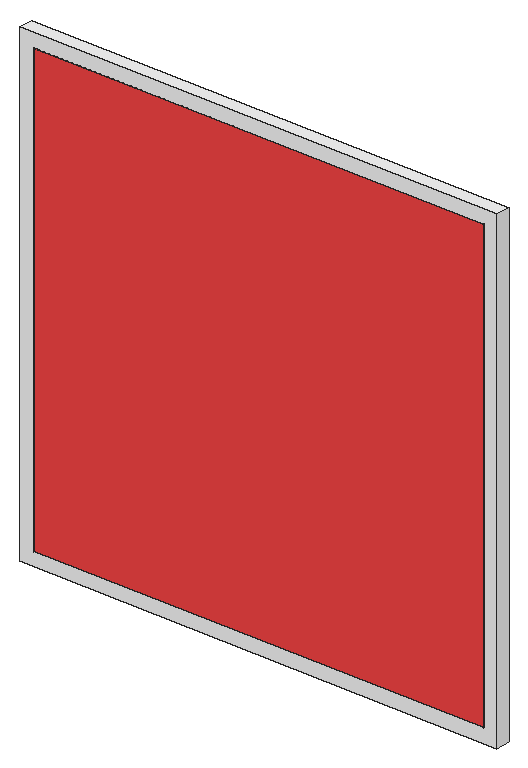
Revit family "Placa de Sinalização - E5 - 8m", category Dispositivos de segurança, Revit 2026
Family settings
  Cota do conector redondo = Utilizar diâmetro
  Tipo de parte = Normal
  Com base no plano de trabalho = Não
  Sempre na vertical = Não
  Corte com vazios quando carregada = Não
  Manter orientação da anotação = Não
  Compartilhado = Sim
  Ponto de cálculo do ambiente = Não
Parameters (values of type "Placa E5 - 8 Metros")
  URL = "www.alvesg.com.br"
  Tipo de imagem = E5.png
  Na Planta Baixa [instance] = yes
  Mostrar Lateral [instance] = yes
  Modelo = "EXTINTOR DE INCÊNDIO"
  Fabricante = "Símbolo: quadrado\r\nFundo: vermelha\r\nPictograma:\r\nfotoluminescente"
  Desloc. Frente [instance] = 0 mm
  Desloc. Esquerda [instance] = 0 mm
  Elevação padrão = 0 mm
  Código da Placa = "E5"
  Descrição = "INDICAÇÃO DE LOCALIZAÇÃO DOS EXTINTORES DE INCÊNDIO"
  Comentários de tipos = "180 / 180"
Reference planes
  plane 1 "Centro (Frente/Trás)": y = 0
  plane 2: z = 0
  plane 3 "Centro (Esquerda/Direita)": x = 0
  plane 4: x = -89.25
  plane 5: x = 89.25
  plane 6: z = 1800
  plane 7: z = 1979
Forms (mm)
  Extrusion 1, solid, material "Vermelho"
    sketch origin (0, 0, 0) x (1, 0, 0) y (0, 0, 1)
      loop
        line (-84.25, 1974) -> (-84.25, 1805) -> (84.25, 1805) -> (84.25, 1974) -> (-84.25, 1974)
    from 0 to -5.255
  Extrusion 2, solid, material "Branco"
    sketch origin (-41.148, 8.5, 3.15) x (-1, 0, 0) y (0, 0, 1)
      loop
        line (-41.316, 1814.573) -> (-14.104, 1814.573) -> (-14.104, 1911.15)
        arc (-14.104, 1911.15) -> (-19.591, 1924.396) -> (-32.837, 1929.883) r 18.733
        line (-32.837, 1929.883) -> (-32.837, 1943.624) -> (-24.778, 1943.624)
        arc (-24.778, 1943.624) -> (-20.187, 1949.246) -> (-24.778, 1954.867) r 5.737
        line (-24.778, 1954.867) -> (-36.144, 1954.867) -> (-36.144, 1959.303) -> (-47.325, 1959.303) -> (-47.325, 1954.867) -> (-57.878, 1954.867) -> (-80.611, 1939.23) -> (-83.109, 1925.677) -> (-78.842, 1925.677) -> (-77.501, 1931.984) -> (-56.876, 1943.624) -> (-49.625, 1943.624) -> (-49.625, 1929.88)
        arc (-49.625, 1929.88) -> (-62.685, 1924.192) -> (-68.058, 1910.998) r 18.888
        line (-68.058, 1910.998) -> (-68.058, 1814.573) -> (-41.316, 1814.573)
    from -3 to -5.5
  Sweep 3, solid, material "Branco"
    path in 3D
      loop
        line (84.25, 5.255, 1974) -> (84.25, 5.255, 1805) -> (-84.25, 5.255, 1805) -> (-84.25, 5.255, 1974) -> (84.25, 5.255, 1974)
    profile origin (0, 5.255, 1974) x (0, 1, 0) y (0, 0, 1)
      loop
        line (-5.255, 0) -> (0, 0) -> (0, 5) -> (-5.255, 5) -> (-5.255, 0)
  Extrusion 4, solid, material "Vermelho", visible <- "Mostrar Lateral", detail levels coarse+medium
    sketch origin (-83.995, 89.25, 0) x (0, 1, 0) y (0, 0, 1)
      loop
        line (-84.25, 1974) -> (-84.25, 1805) -> (84.25, 1805) -> (84.25, 1974) -> (-84.25, 1974)
    from 0 to -5.255
  Extrusion 5, solid, material "Branco", visible <- "Mostrar Lateral", detail levels coarse+medium
    sketch origin (-92.495, 48.102, 3.15) x (0, -1, 0) y (0, 0, 1)
      loop
        line (-41.316, 1814.573) -> (-14.104, 1814.573) -> (-14.104, 1911.15)
        arc (-14.104, 1911.15) -> (-19.591, 1924.396) -> (-32.837, 1929.883) r 18.733
        line (-32.837, 1929.883) -> (-32.837, 1943.624) -> (-24.778, 1943.624)
        arc (-24.778, 1943.624) -> (-20.187, 1949.246) -> (-24.778, 1954.867) r 5.737
        line (-24.778, 1954.867) -> (-36.144, 1954.867) -> (-36.144, 1959.303) -> (-47.325, 1959.303) -> (-47.325, 1954.867) -> (-57.878, 1954.867) -> (-80.611, 1939.23) -> (-83.109, 1925.677) -> (-78.842, 1925.677) -> (-77.501, 1931.984) -> (-56.876, 1943.624) -> (-49.625, 1943.624) -> (-49.625, 1929.88)
        arc (-49.625, 1929.88) -> (-62.685, 1924.192) -> (-68.058, 1910.998) r 18.888
        line (-68.058, 1910.998) -> (-68.058, 1814.573) -> (-41.316, 1814.573)
    from -3 to -5.5
  Sweep 6, solid, material "Branco", visible <- "Mostrar Lateral", detail levels coarse+medium
    path in 3D
      loop
        line (-89.25, 173.5, 1974) -> (-89.25, 173.5, 1805) -> (-89.25, 5, 1805) -> (-89.25, 5, 1974) -> (-89.25, 173.5, 1974)
    profile origin (-89.25, 89.25, 1974) x (-1, 0, 0) y (0, 0, 1)
      loop
        line (-5.255, 0) -> (0, 0) -> (0, 5) -> (-5.255, 5) -> (-5.255, 0)
  Extrusion 7, solid, material "Vermelho", visible <- "Mostrar Lateral", detail levels coarse+medium
    sketch origin (83.75, 89.25, 0) x (0, -1, 0) y (0, 0, 1)
      loop
        line (-84.25, 1974) -> (-84.25, 1805) -> (84.25, 1805) -> (84.25, 1974) -> (-84.25, 1974)
    from 0 to -5.255
  Extrusion 8, solid, material "Branco", visible <- "Mostrar Lateral", detail levels coarse+medium
    sketch origin (92.25, 130.398, 3.15) x (0, 1, 0) y (0, 0, 1)
      loop
        line (-41.316, 1814.573) -> (-14.104, 1814.573) -> (-14.104, 1911.15)
        arc (-14.104, 1911.15) -> (-19.591, 1924.396) -> (-32.837, 1929.883) r 18.733
        line (-32.837, 1929.883) -> (-32.837, 1943.624) -> (-24.778, 1943.624)
        arc (-24.778, 1943.624) -> (-20.187, 1949.246) -> (-24.778, 1954.867) r 5.737
        line (-24.778, 1954.867) -> (-36.144, 1954.867) -> (-36.144, 1959.303) -> (-47.325, 1959.303) -> (-47.325, 1954.867) -> (-57.878, 1954.867) -> (-80.611, 1939.23) -> (-83.109, 1925.677) -> (-78.842, 1925.677) -> (-77.501, 1931.984) -> (-56.876, 1943.624) -> (-49.625, 1943.624) -> (-49.625, 1929.88)
        arc (-49.625, 1929.88) -> (-62.685, 1924.192) -> (-68.058, 1910.998) r 18.888
        line (-68.058, 1910.998) -> (-68.058, 1814.573) -> (-41.316, 1814.573)
    from -3 to -5.5
  Sweep 9, solid, material "Branco", visible <- "Mostrar Lateral", detail levels coarse+medium
    path in 3D
      loop
        line (89.005, 5, 1974) -> (89.005, 5, 1805) -> (89.005, 173.5, 1805) -> (89.005, 173.5, 1974) -> (89.005, 5, 1974)
    profile origin (89.005, 89.25, 1974) x (1, 0, 0) y (0, 0, 1)
      loop
        line (-5.255, 0) -> (0, 0) -> (0, 5) -> (-5.255, 5) -> (-5.255, 0)
Lines and regions (mm)
  sketch lines
    curve 1: line (-84.25, 5.255, 1974) -> (84.25, 5.255, 1974)
    curve 2: line (-84.25, 5.255, 1805) -> (-84.25, 5.255, 1974)
    curve 3: line (84.25, 5.255, 1805) -> (-84.25, 5.255, 1805)
    curve 4: line (84.25, 5.255, 1974) -> (84.25, 5.255, 1805)
    curve 5: line (-89.25, 5, 1974) -> (-89.25, 173.5, 1974)
    curve 6: line (-89.25, 5, 1805) -> (-89.25, 5, 1974)
    curve 7: line (-89.25, 173.5, 1805) -> (-89.25, 5, 1805)
    curve 8: line (-89.25, 173.5, 1974) -> (-89.25, 173.5, 1805)
    curve 9: line (89.005, 173.5, 1974) -> (89.005, 5, 1974)
    curve 10: line (89.005, 173.5, 1805) -> (89.005, 173.5, 1974)
    curve 11: line (89.005, 5, 1805) -> (89.005, 173.5, 1805)
    curve 12: line (89.005, 5, 1974) -> (89.005, 5, 1805)
Dimensions and locks
  equal spacing: plane 4, plane 3 "Centro (Esquerda/Direita)", plane 5
  plane 4 to plane 5 = 178.5 mm
  locked: plane 6 to level at 1800
  plane 7 to plane 6 = 179 mm
  "Desloc. Esquerda": nested 1 to plane 3 "Centro (Esquerda/Direita)"
  "Desloc. Frente": plane 1 "Centro (Frente/Trás)" to nested 1
  aligned and locked: level to plane 2
Automatic sketch dimensions
  Extrusion 1 sketch curve to plane 4 = 5 mm
  Extrusion 1 sketch curve to plane 5 = 5 mm
  plane 6 to Extrusion 1 sketch curve = 5 mm
  Extrusion 1 sketch curve to plane 7 = 5 mm
  plane 3 "Centro (Esquerda/Direita)" to Extrusion 2 sketch curve = 41.961 mm
  Extrusion 2 sketch curve to Extrusion 2 sketch curve = 2.498 mm
  Extrusion 2 sketch curve to Extrusion 2 sketch curve = 4.268 mm
  Extrusion 2 sketch curve to Extrusion 2 sketch curve = 1.341 mm
  plane 3 "Centro (Esquerda/Direita)" to Extrusion 2 sketch curve = 26.909 mm
  plane 3 "Centro (Esquerda/Direita)" to Extrusion 2 sketch curve = 16.73 mm
  Extrusion 2 sketch curve to Extrusion 2 sketch curve = 1.002 mm
  Extrusion 2 sketch curve to Extrusion 2 sketch curve = 7.251 mm
  plane 3 "Centro (Esquerda/Direita)" to Extrusion 2 sketch curve = 8.021 mm
  plane 3 "Centro (Esquerda/Direita)" to Extrusion 2 sketch curve = 6.177 mm
  plane 3 "Centro (Esquerda/Direita)" to Extrusion 2 sketch curve = 0.168 mm
  Extrusion 2 sketch curve to plane 3 "Centro (Esquerda/Direita)" = 5.004 mm
  Extrusion 2 sketch curve to plane 3 "Centro (Esquerda/Direita)" = 8.311 mm
  Extrusion 2 sketch curve to Extrusion 2 sketch curve = 6.913 mm
  Extrusion 2 sketch curve to Extrusion 2 sketch curve = 1.145 mm  (x2)
  Extrusion 2 sketch curve to plane 3 "Centro (Esquerda/Direita)" = 27.044 mm
  plane 6 to Extrusion 2 sketch curve = 17.723 mm
  Extrusion 2 sketch curve to plane 7 = 64.853 mm
  Extrusion 2 sketch curve to Extrusion 2 sketch curve = 0.153 mm
  Extrusion 2 sketch curve to Extrusion 2 sketch curve = 14.679 mm
  Extrusion 2 sketch curve to Extrusion 2 sketch curve = 6.308 mm
  Extrusion 2 sketch curve to Extrusion 2 sketch curve = 7.245 mm
  Extrusion 2 sketch curve to Extrusion 2 sketch curve = 13.744 mm
  Extrusion 2 sketch curve to Extrusion 2 sketch curve = 13.741 mm
  Extrusion 2 sketch curve to Extrusion 2 sketch curve = 5.621 mm
  Extrusion 2 sketch curve to Extrusion 2 sketch curve = 11.242 mm
  Extrusion 2 sketch curve to Extrusion 2 sketch curve = 4.436 mm
  Sweep 3 sketch curve to profile plane = 0 mm  (x2)
  profile plane to Sweep 3 sketch curve = 5.255 mm
  profile plane to Sweep 3 sketch curve = 5 mm
  Extrusion 4 sketch curve to plane 7 = 5 mm
  Extrusion 4 sketch curve to plane 1 "Centro (Frente/Trás)" = 5 mm
  plane 6 to Extrusion 4 sketch curve = 5 mm
  Extrusion 4 sketch curve to plane 1 "Centro (Frente/Trás)" = 173.5 mm
  Extrusion 5 sketch curve to plane 1 "Centro (Frente/Trás)" = 131.211 mm
  Extrusion 5 sketch curve to Extrusion 5 sketch curve = 2.498 mm
  Extrusion 5 sketch curve to Extrusion 5 sketch curve = 4.268 mm
  Extrusion 5 sketch curve to Extrusion 5 sketch curve = 1.341 mm
  Extrusion 5 sketch curve to plane 1 "Centro (Frente/Trás)" = 116.159 mm
  Extrusion 5 sketch curve to plane 1 "Centro (Frente/Trás)" = 105.98 mm
  Extrusion 5 sketch curve to Extrusion 5 sketch curve = 1.002 mm
  Extrusion 5 sketch curve to Extrusion 5 sketch curve = 7.251 mm
  Extrusion 5 sketch curve to plane 1 "Centro (Frente/Trás)" = 97.271 mm
  Extrusion 5 sketch curve to plane 1 "Centro (Frente/Trás)" = 95.427 mm
  Extrusion 5 sketch curve to plane 1 "Centro (Frente/Trás)" = 89.418 mm
  Extrusion 5 sketch curve to plane 1 "Centro (Frente/Trás)" = 84.246 mm
  Extrusion 5 sketch curve to plane 1 "Centro (Frente/Trás)" = 80.939 mm
  Extrusion 5 sketch curve to Extrusion 5 sketch curve = 6.913 mm
  Extrusion 5 sketch curve to Extrusion 5 sketch curve = 1.145 mm  (x2)
  Extrusion 5 sketch curve to plane 1 "Centro (Frente/Trás)" = 62.206 mm
  plane 6 to Extrusion 5 sketch curve = 17.723 mm
  Extrusion 5 sketch curve to plane 7 = 64.853 mm
  Extrusion 5 sketch curve to Extrusion 5 sketch curve = 0.153 mm
  Extrusion 5 sketch curve to Extrusion 5 sketch curve = 14.679 mm
  Extrusion 5 sketch curve to Extrusion 5 sketch curve = 6.308 mm
  Extrusion 5 sketch curve to Extrusion 5 sketch curve = 7.245 mm
  Extrusion 5 sketch curve to Extrusion 5 sketch curve = 13.744 mm
  Extrusion 5 sketch curve to Extrusion 5 sketch curve = 13.741 mm
  Extrusion 5 sketch curve to Extrusion 5 sketch curve = 5.621 mm
  Extrusion 5 sketch curve to Extrusion 5 sketch curve = 11.242 mm
  Extrusion 5 sketch curve to Extrusion 5 sketch curve = 4.436 mm
  Sweep 6 sketch curve to profile plane = 0 mm  (x2)
  profile plane to Sweep 6 sketch curve = 5.255 mm
  profile plane to Sweep 6 sketch curve = 5 mm
  Extrusion 7 sketch curve to plane 7 = 5 mm
  Extrusion 7 sketch curve to plane 1 "Centro (Frente/Trás)" = 173.5 mm
  plane 6 to Extrusion 7 sketch curve = 5 mm
  Extrusion 7 sketch curve to plane 1 "Centro (Frente/Trás)" = 5 mm
  Extrusion 8 sketch curve to plane 1 "Centro (Frente/Trás)" = 47.289 mm
  Extrusion 8 sketch curve to Extrusion 8 sketch curve = 2.498 mm
  Extrusion 8 sketch curve to Extrusion 8 sketch curve = 4.268 mm
  Extrusion 8 sketch curve to Extrusion 8 sketch curve = 1.341 mm
  Extrusion 8 sketch curve to plane 1 "Centro (Frente/Trás)" = 62.341 mm
  Extrusion 8 sketch curve to plane 1 "Centro (Frente/Trás)" = 72.52 mm
  Extrusion 8 sketch curve to Extrusion 8 sketch curve = 1.002 mm
  Extrusion 8 sketch curve to Extrusion 8 sketch curve = 7.251 mm
  Extrusion 8 sketch curve to plane 1 "Centro (Frente/Trás)" = 81.229 mm
  Extrusion 8 sketch curve to plane 1 "Centro (Frente/Trás)" = 83.073 mm
  Extrusion 8 sketch curve to plane 1 "Centro (Frente/Trás)" = 89.082 mm
  Extrusion 8 sketch curve to plane 1 "Centro (Frente/Trás)" = 94.254 mm
  Extrusion 8 sketch curve to plane 1 "Centro (Frente/Trás)" = 97.561 mm
  Extrusion 8 sketch curve to Extrusion 8 sketch curve = 6.913 mm
  Extrusion 8 sketch curve to Extrusion 8 sketch curve = 1.145 mm  (x2)
  Extrusion 8 sketch curve to plane 1 "Centro (Frente/Trás)" = 116.294 mm
  plane 6 to Extrusion 8 sketch curve = 17.723 mm
  Extrusion 8 sketch curve to plane 7 = 64.853 mm
  Extrusion 8 sketch curve to Extrusion 8 sketch curve = 0.153 mm
  Extrusion 8 sketch curve to Extrusion 8 sketch curve = 14.679 mm
  Extrusion 8 sketch curve to Extrusion 8 sketch curve = 6.308 mm
  Extrusion 8 sketch curve to Extrusion 8 sketch curve = 7.245 mm
  Extrusion 8 sketch curve to Extrusion 8 sketch curve = 13.744 mm
  Extrusion 8 sketch curve to Extrusion 8 sketch curve = 13.741 mm
  Extrusion 8 sketch curve to Extrusion 8 sketch curve = 5.621 mm
  Extrusion 8 sketch curve to Extrusion 8 sketch curve = 11.242 mm
  Extrusion 8 sketch curve to Extrusion 8 sketch curve = 4.436 mm
  Sweep 9 sketch curve to profile plane = 0 mm
  profile plane to Sweep 9 sketch curve = 0 mm
  profile plane to Sweep 9 sketch curve = 5.255 mm
  profile plane to Sweep 9 sketch curve = 5 mm
Nested families
  nested 1: "S4" at (0, 179, 1800) x (-1, 0, 0) z (0, 0, 1), visible <- "Na Planta Baixa", type "S N", detail levels coarse+medium
    with Desloc. Frente 0 mm, Desloc. Esquerda 0 mm
Definition of nested family "S4"
  Parameters (values of type "S N")
    Desloc. Frente [instance] = 0 mm
    Desloc. Esquerda [instance] = 0 mm
    Default Elevation = 0 mm
  Reference planes
    plane 1 "Centro (Frente/Trás)": y = 0
    plane 2: z = 0
    plane 3 "Centro (Esquerda/Direita)": x = 0
    plane 4: x = -89.5
    plane 5: y = 179
    plane 6: x = 89.5
    plane 7: y = 0
    plane 8: x = 0
    plane 9: y = 89.5
    plane 10: x = 0
  Forms (mm)
    Extrusion 1, solid
      sketch origin (0, 0, 0) x (1, 0, 0) y (0, 1, 0)
        loop
          line (-80, 5) -> (80, 5)
          arc (80, 5) -> (83.182, 6.318) -> (84.5, 9.5) r 4.5
          line (84.5, 9.5) -> (84.5, 169.5)
          arc (84.5, 169.5) -> (83.182, 172.682) -> (80, 174) r 4.5
          line (80, 174) -> (-80, 174)
          arc (-80, 174) -> (-83.182, 172.682) -> (-84.5, 169.5) r 4.5
          line (-84.5, 169.5) -> (-84.5, 9.5)
          arc (-84.5, 9.5) -> (-83.182, 6.318) -> (-80, 5) r 4.5
      from 0 to 5
    Sweep 2, solid
      path in 3D
        loop
          arc (-84.5, 169.5, 0) -> (-83.182, 172.682, 0) -> (-80, 174, 0) r 4.5
          line (-80, 174, 0) -> (80, 174, 0)
          arc (80, 174, 0) -> (83.182, 172.682, 0) -> (84.5, 169.5, 0) r 4.5
          line (84.5, 169.5, 0) -> (84.5, 9.5, 0)
          arc (84.5, 9.5, 0) -> (83.182, 6.318, 0) -> (80, 5, 0) r 4.5
          line (80, 5, 0) -> (-80, 5, 0)
          arc (-80, 5, 0) -> (-83.182, 6.318, 0) -> (-84.5, 9.5, 0) r 4.5
          line (-84.5, 9.5, 0) -> (-84.5, 169.5, 0)
      profile origin (-84.5, 89.5, 0) x (1, 0, 0) y (0, 0, -1)
        loop
          line (0, -5) -> (0, 0) -> (-5, 0)
          arc (-5, 0) -> (-3.536, -3.536) -> (0, -5) r 5
    Extrusion 3, solid, not visible
      sketch origin (0, 0, 0) x (1, 0, 0) y (0, 1, 0)
        loop
          line (-148.5, 5) -> (148.5, 5)
          arc (148.5, 5) -> (151.682, 6.318) -> (153, 9.5) r 4.5
          line (153, 9.5) -> (153, 148.5)
          arc (153, 148.5) -> (151.682, 151.682) -> (148.5, 153) r 4.5
          line (148.5, 153) -> (-148.5, 153)
          arc (-148.5, 153) -> (-151.682, 151.682) -> (-153, 148.5) r 4.5
          line (-153, 148.5) -> (-153, 9.5)
          arc (-153, 9.5) -> (-151.682, 6.318) -> (-148.5, 5) r 4.5
      from 0 to 5
    Extrusion 4, solid, not visible
      sketch origin (0, 0, 0) x (1, 0, 0) y (0, 1, 0)
        loop
          circle (-64.198, 128.883) r 11.482
        loop
          line (-34.846, 95.221) -> (-34.846, 147.352) -> (-123.678, 147.352) -> (-123.678, 55.943) -> (-131.975, 55.943) -> (-143.314, 37.071) -> (-123.678, 37.071) -> (-123.678, 17.071) -> (-130.749, 10) -> (-75.749, 10) -> (-65.946, 16.865) -> (-47.553, 16.865) -> (-54.417, 10) -> (-44.417, 10) -> (-34.846, 19.571) -> (-34.846, 81.729) -> (-49.846, 81.729) -> (-62.702, 97.05) -> (-73.89, 78.43) -> (-45.396, 20.009) -> (-61.455, 20.009) -> (-84.33, 66.91) -> (-86.263, 64.976) -> (-87.767, 47.793) -> (-94.838, 40.721) -> (-136.348, 40.721) -> (-128.623, 53.579) -> (-100.115, 53.579) -> (-100.115, 78.579) -> (-87.605, 103.132) -> (-87.605, 106.55) -> (-100.115, 106.55) -> (-112.777, 87.895)
          arc (-112.777, 87.895) -> (-118.793, 88.949) -> (-119.848, 94.966) r 5.317
          line (-119.848, 94.966) -> (-105.808, 115.651) -> (-67.726, 115.651) -> (-57.238, 110.307) -> (-46.675, 95.221) -> (-34.846, 95.221)
        loop
          line (45.154, 92.275) -> (45.154, 71.183) -> (88.314, 71.183) -> (69.03, 48.202) -> (99.03, 48.202) -> (132.557, 81.729) -> (99.03, 115.257) -> (69.03, 115.257) -> (88.314, 92.275) -> (45.154, 92.275)
      from 3 to 5.5
    Sweep 5, solid, not visible
      path in 3D
        loop
          arc (-153, 148.5, 0) -> (-151.682, 151.682, 0) -> (-148.5, 153, 0) r 4.5
          line (-148.5, 153, 0) -> (148.5, 153, 0)
          arc (148.5, 153, 0) -> (151.682, 151.682, 0) -> (153, 148.5, 0) r 4.5
          line (153, 148.5, 0) -> (153, 9.5, 0)
          arc (153, 9.5, 0) -> (151.682, 6.318, 0) -> (148.5, 5, 0) r 4.5
          line (148.5, 5, 0) -> (-148.5, 5, 0)
          arc (-148.5, 5, 0) -> (-151.682, 6.318, 0) -> (-153, 9.5, 0) r 4.5
          line (-153, 9.5, 0) -> (-153, 148.5, 0)
      profile origin (-153, 79, 0) x (1, 0, 0) y (0, 0, -1)
        loop
          line (0, -5) -> (0, 0) -> (-5, 0)
          arc (-5, 0) -> (-3.536, -3.536) -> (0, -5) r 5
    Extrusion 6, solid, not visible
      sketch origin (0, 0, 0) x (1, 0, 0) y (0, 1, 0)
        loop
          line (-80, 5) -> (80, 5)
          arc (80, 5) -> (83.182, 6.318) -> (84.5, 9.5) r 4.5
          line (84.5, 9.5) -> (84.5, 169.5)
          arc (84.5, 169.5) -> (83.182, 172.682) -> (80, 174) r 4.5
          line (80, 174) -> (-80, 174)
          arc (-80, 174) -> (-83.182, 172.682) -> (-84.5, 169.5) r 4.5
          line (-84.5, 169.5) -> (-84.5, 9.5)
          arc (-84.5, 9.5) -> (-83.182, 6.318) -> (-80, 5) r 4.5
      from 0 to 5
    Sweep 7, solid, not visible
      path in 3D
        loop
          arc (-84.5, 169.5, 0) -> (-83.182, 172.682, 0) -> (-80, 174, 0) r 4.5
          line (-80, 174, 0) -> (80, 174, 0)
          arc (80, 174, 0) -> (83.182, 172.682, 0) -> (84.5, 169.5, 0) r 4.5
          line (84.5, 169.5, 0) -> (84.5, 9.5, 0)
          arc (84.5, 9.5, 0) -> (83.182, 6.318, 0) -> (80, 5, 0) r 4.5
          line (80, 5, 0) -> (-80, 5, 0)
          arc (-80, 5, 0) -> (-83.182, 6.318, 0) -> (-84.5, 9.5, 0) r 4.5
          line (-84.5, 9.5, 0) -> (-84.5, 169.5, 0)
      profile origin (-84.5, 89.5, 0) x (1, 0, 0) y (0, 0, -1)
        loop
          line (0, -5) -> (0, 0) -> (-5, 0)
          arc (-5, 0) -> (-3.536, -3.536) -> (0, -5) r 5
    Extrusion 8, solid
      sketch origin (169.763, 19.249, 0) x (1, 0, 0) y (0, 1, 0)
        loop
          line (-169.344, -1.989) -> (-142.133, -1.989) -> (-142.133, 94.588)
          arc (-142.133, 94.588) -> (-147.619, 107.834) -> (-160.865, 113.321) r 18.733
          line (-160.865, 113.321) -> (-160.865, 127.062) -> (-152.807, 127.062)
          arc (-152.807, 127.062) -> (-148.215, 132.683) -> (-152.807, 138.304) r 5.737
          line (-152.807, 138.304) -> (-164.172, 138.304) -> (-164.172, 142.74) -> (-175.353, 142.74) -> (-175.353, 138.304) -> (-185.906, 138.304) -> (-208.64, 122.667) -> (-211.138, 109.115) -> (-206.87, 109.115) -> (-205.529, 115.422) -> (-184.904, 127.062) -> (-177.653, 127.062) -> (-177.653, 113.318)
          arc (-177.653, 113.318) -> (-190.714, 107.629) -> (-196.086, 94.435) r 18.888
          line (-196.086, 94.435) -> (-196.086, -1.989) -> (-169.344, -1.989)
      from 0 to 6
    Extrusion 9, solid, not visible
      sketch origin (169.763, 19.249, 0) x (1, 0, 0) y (0, 1, 0)
        loop
          line (-169.344, -1.989) -> (-142.133, -1.989) -> (-142.133, 94.588)
          arc (-142.133, 94.588) -> (-147.619, 107.834) -> (-160.865, 113.321) r 18.733
          line (-160.865, 113.321) -> (-160.865, 127.062) -> (-152.807, 127.062)
          arc (-152.807, 127.062) -> (-148.215, 132.683) -> (-152.807, 138.304) r 5.737
          line (-152.807, 138.304) -> (-164.172, 138.304) -> (-164.172, 142.74) -> (-175.353, 142.74) -> (-175.353, 138.304) -> (-185.906, 138.304) -> (-208.64, 122.667) -> (-211.138, 109.115) -> (-206.87, 109.115) -> (-205.529, 115.422) -> (-184.904, 127.062) -> (-177.653, 127.062) -> (-177.653, 113.318)
          arc (-177.653, 113.318) -> (-190.714, 107.629) -> (-196.086, 94.435) r 18.888
          line (-196.086, 94.435) -> (-196.086, -1.989) -> (-169.344, -1.989)
      from 0 to 6
  Lines and regions (mm)
    sketch lines
      curve 1: line (-84.5, 9.5, 0) -> (-84.5, 169.5, 0)
      curve 2: arc (-80, 174, 0) -> (-83.182, 172.682, 0) -> (-84.5, 169.5, 0) r 4.5
      curve 3: line (-80, 174, 0) -> (80, 174, 0)
      curve 4: arc (-84.5, 9.5, 0) -> (-83.182, 6.318, 0) -> (-80, 5, 0) r 4.5
      curve 5: line (80, 5, 0) -> (-80, 5, 0)
      curve 6: arc (80, 5, 0) -> (83.182, 6.318, 0) -> (84.5, 9.5, 0) r 4.5
      curve 7: line (84.5, 169.5, 0) -> (84.5, 9.5, 0)
      curve 8: arc (84.5, 169.5, 0) -> (83.182, 172.682, 0) -> (80, 174, 0) r 4.5
    sketch lines, not visible
      curve 9: line (-153, 9.5, 0) -> (-153, 148.5, 0)
      curve 10: arc (-148.5, 153, 0) -> (-151.682, 151.682, 0) -> (-153, 148.5, 0) r 4.5
      curve 11: line (-148.5, 153, 0) -> (148.5, 153, 0)
      curve 12: arc (-153, 9.5, 0) -> (-151.682, 6.318, 0) -> (-148.5, 5, 0) r 4.5
      curve 13: line (148.5, 5, 0) -> (-148.5, 5, 0)
      curve 14: arc (148.5, 5, 0) -> (151.682, 6.318, 0) -> (153, 9.5, 0) r 4.5
      curve 15: line (153, 148.5, 0) -> (153, 9.5, 0)
      curve 16: arc (153, 148.5, 0) -> (151.682, 151.682, 0) -> (148.5, 153, 0) r 4.5
      curve 17: line (-84.5, 9.5, 0) -> (-84.5, 169.5, 0)
      curve 18: arc (-80, 174, 0) -> (-83.182, 172.682, 0) -> (-84.5, 169.5, 0) r 4.5
      curve 19: line (-80, 174, 0) -> (80, 174, 0)
      curve 20: arc (-84.5, 9.5, 0) -> (-83.182, 6.318, 0) -> (-80, 5, 0) r 4.5
      curve 21: line (80, 5, 0) -> (-80, 5, 0)
      curve 22: arc (80, 5, 0) -> (83.182, 6.318, 0) -> (84.5, 9.5, 0) r 4.5
      curve 23: line (84.5, 169.5, 0) -> (84.5, 9.5, 0)
      curve 24: arc (84.5, 169.5, 0) -> (83.182, 172.682, 0) -> (80, 174, 0) r 4.5
    model lines
      curve 25: line (0, 158, 0) -> (0, 0, 0)
    model lines, not visible
      curve 26: line (0, 158, 0) -> (0, 0, 0)
  Dimensions and locks
    plane 1 "Centro (Frente/Trás)" to plane 5 = 179 mm
    plane 4 to plane 3 "Centro (Esquerda/Direita)" to plane 6 = 89.5 mm, 89.5 mm
    plane 4 to plane 6 = 179 mm
    equal spacing: plane 5, plane 9, plane 7
    "Desloc. Esquerda": curve 25 to plane 10
    "Desloc. Frente": Sweep 2 to plane 7
    aligned and locked: level to plane 2
  Automatic sketch dimensions
    Sweep 2 sketch curve to profile plane = 0 mm
    profile plane to Sweep 2 sketch curve = 0 mm
    Sweep 2 sketch curve to Sweep 2 sketch curve = 5 mm
    Extrusion 3 sketch curve to Extrusion 3 sketch curve = 4.5 mm  (x3)
    Sweep 5 sketch curve to profile plane = 0 mm
    profile plane to Sweep 5 sketch curve = 0 mm
    Sweep 5 sketch curve to Sweep 5 sketch curve = 5 mm
    Extrusion 4 sketch curve to Extrusion 4 sketch curve = 6.966 mm
    Extrusion 4 sketch curve to Extrusion 4 sketch curve = 4.373 mm
    Extrusion 4 sketch curve to Extrusion 4 sketch curve = 3.352 mm
    Extrusion 4 sketch curve to Extrusion 4 sketch curve = 4.944 mm
    Extrusion 4 sketch curve to Extrusion 4 sketch curve = 12.67 mm
    Extrusion 4 sketch curve to Extrusion 4 sketch curve = 4.814 mm  (x2)
    Extrusion 4 sketch curve to Extrusion 4 sketch curve = 2.257 mm
    Extrusion 4 sketch curve to Extrusion 4 sketch curve = 9.226 mm
    Extrusion 4 sketch curve to Extrusion 4 sketch curve = 23.563 mm
    Extrusion 4 sketch curve to Extrusion 4 sketch curve = 5.693 mm
    Extrusion 4 sketch curve to Extrusion 4 sketch curve = 5.277 mm
    Extrusion 4 sketch curve to Extrusion 4 sketch curve = 7.071 mm  (x4)
    Extrusion 4 sketch curve to Extrusion 4 sketch curve = 12.51 mm
    Extrusion 4 sketch curve to Extrusion 4 sketch curve = 1.503 mm
    Extrusion 4 sketch curve to Extrusion 4 sketch curve = 1.933 mm  (x2)
    Extrusion 4 sketch curve to Extrusion 4 sketch curve = 19.088 mm
    Extrusion 4 sketch curve to Extrusion 4 sketch curve = 10.44 mm
    Extrusion 4 sketch curve to Extrusion 4 sketch curve = 19.878 mm
    Extrusion 4 sketch curve to Extrusion 4 sketch curve = 9.804 mm
    Extrusion 4 sketch curve to Extrusion 4 sketch curve = 3.528 mm
    Extrusion 4 sketch curve to Extrusion 4 sketch curve = 5.025 mm
    Extrusion 4 sketch curve to Extrusion 4 sketch curve = 4.491 mm
    Extrusion 4 sketch curve to Extrusion 4 sketch curve = 10.488 mm
    Extrusion 4 sketch curve to Extrusion 4 sketch curve = 7.038 mm
    Extrusion 4 sketch curve to Extrusion 4 sketch curve = 12.856 mm
    Extrusion 4 sketch curve to Extrusion 4 sketch curve = 6.865 mm  (x2)
    Extrusion 4 sketch curve to Extrusion 4 sketch curve = 3.171 mm
    Extrusion 4 sketch curve to Extrusion 4 sketch curve = 2.157 mm
    Extrusion 4 sketch curve to Extrusion 4 sketch curve = 3.135 mm
    Extrusion 4 sketch curve to Extrusion 4 sketch curve = 29.352 mm
    Extrusion 4 sketch curve to Extrusion 4 sketch curve = 0 mm  (x3)
    Extrusion 4 sketch curve to Extrusion 4 sketch curve = 80 mm
    Extrusion 4 sketch curve to Extrusion 4 sketch curve = 23.876 mm  (x2)
    Extrusion 4 sketch curve to Extrusion 4 sketch curve = 19.284 mm
    Extrusion 4 sketch curve to Extrusion 4 sketch curve = 10.716 mm  (x2)
    Extrusion 4 sketch curve to Extrusion 4 sketch curve = 0.437 mm
    Extrusion 4 sketch curve to Extrusion 4 sketch curve = 3.65 mm
    Extrusion 4 sketch curve to Extrusion 4 sketch curve = 12.858 mm
    Extrusion 4 sketch curve to Extrusion 4 sketch curve = 2.364 mm
    Extrusion 4 sketch curve to Extrusion 4 sketch curve = 17.184 mm
    Extrusion 4 sketch curve to Extrusion 4 sketch curve = 11.521 mm
    Extrusion 4 sketch curve to Extrusion 4 sketch curve = 13.603 mm
    Extrusion 4 sketch curve to Extrusion 4 sketch curve = 28.578 mm
    Extrusion 4 sketch curve to Extrusion 4 sketch curve = 10.546 mm
    Extrusion 4 sketch curve to Extrusion 4 sketch curve = 9.316 mm
    Extrusion 4 sketch curve to Extrusion 4 sketch curve = 13.492 mm
    Extrusion 4 sketch curve to Extrusion 4 sketch curve = 13.257 mm
    Extrusion 4 sketch curve to Extrusion 4 sketch curve = 12.52 mm
    Extrusion 4 sketch curve to Extrusion 4 sketch curve = 3.419 mm
    Extrusion 4 sketch curve to Extrusion 4 sketch curve = 13.232 mm
    Extrusion 4 sketch curve to Extrusion 4 sketch curve = 20 mm
    Extrusion 3 sketch curve to Extrusion 3 sketch curve = 297 mm
    Extrusion 3 sketch curve to Extrusion 3 sketch curve = 0 mm
    Extrusion 3 sketch curve to Extrusion 3 sketch curve = 139 mm
    Extrusion 4 sketch curve to Extrusion 4 sketch curve = 19.733 mm
    Extrusion 4 sketch curve to Extrusion 4 sketch curve = 44.244 mm
    Extrusion 4 sketch curve to Extrusion 4 sketch curve = 2.707 mm
    Extrusion 4 sketch curve to Extrusion 4 sketch curve = 28.631 mm
    Extrusion 4 sketch curve to Extrusion 4 sketch curve = 22.981 mm
    Extrusion 4 sketch curve to Extrusion 4 sketch curve = 3.299 mm
    Extrusion 4 sketch curve to Extrusion 4 sketch curve = 21.092 mm
    Extrusion 4 sketch curve to Extrusion 4 sketch curve = 6.081 mm
    Extrusion 4 sketch curve to Extrusion 4 sketch curve = 31.701 mm
    Sweep 7 sketch curve to profile plane = 0 mm
    profile plane to Sweep 7 sketch curve = 0 mm
    Sweep 7 sketch curve to Sweep 7 sketch curve = 5 mm
    curve 25 to curve 25 = 158 mm
    curve 26 to curve 26 = 158 mm
    Extrusion 1 sketch curve to Extrusion 1 sketch curve = 4.5 mm  (x3)
    Extrusion 1 sketch curve to Extrusion 1 sketch curve = 160 mm  (x3)
    Extrusion 6 sketch curve to Extrusion 6 sketch curve = 4.5 mm  (x3)
    Extrusion 6 sketch curve to Extrusion 6 sketch curve = 160 mm  (x3)
    Extrusion 8 sketch curve to Extrusion 8 sketch curve = 2.498 mm
    Extrusion 8 sketch curve to Extrusion 8 sketch curve = 4.268 mm
    Extrusion 8 sketch curve to Extrusion 8 sketch curve = 1.341 mm
    Extrusion 8 sketch curve to Extrusion 8 sketch curve = 10.784 mm
    Extrusion 8 sketch curve to Extrusion 8 sketch curve = 22.733 mm
    Extrusion 8 sketch curve to Extrusion 8 sketch curve = 1.002 mm
    Extrusion 8 sketch curve to Extrusion 8 sketch curve = 7.251 mm
    Extrusion 8 sketch curve to Extrusion 8 sketch curve = 18.888 mm
    Extrusion 8 sketch curve to Extrusion 8 sketch curve = 10.553 mm
    Extrusion 8 sketch curve to Extrusion 8 sketch curve = 26.742 mm
    Extrusion 8 sketch curve to Extrusion 8 sketch curve = 11.181 mm
    Extrusion 8 sketch curve to Extrusion 8 sketch curve = 16.333 mm
    Extrusion 8 sketch curve to Extrusion 8 sketch curve = 6.913 mm
    Extrusion 8 sketch curve to Extrusion 8 sketch curve = 1.145 mm  (x2)
    Extrusion 8 sketch curve to Extrusion 8 sketch curve = 27.212 mm
    Extrusion 8 sketch curve to Extrusion 8 sketch curve = 96.425 mm
    Extrusion 8 sketch curve to Extrusion 8 sketch curve = 0.153 mm
    Extrusion 8 sketch curve to Extrusion 8 sketch curve = 14.679 mm
    Extrusion 8 sketch curve to Extrusion 8 sketch curve = 6.308 mm
    Extrusion 8 sketch curve to Extrusion 8 sketch curve = 7.245 mm
    Extrusion 8 sketch curve to Extrusion 8 sketch curve = 13.744 mm
    Extrusion 8 sketch curve to Extrusion 8 sketch curve = 13.741 mm
    Extrusion 8 sketch curve to Extrusion 8 sketch curve = 5.621 mm
    Extrusion 8 sketch curve to Extrusion 8 sketch curve = 11.242 mm
    Extrusion 8 sketch curve to Extrusion 8 sketch curve = 4.436 mm
    Extrusion 9 sketch curve to Extrusion 9 sketch curve = 2.498 mm
    Extrusion 9 sketch curve to Extrusion 9 sketch curve = 4.268 mm
    Extrusion 9 sketch curve to Extrusion 9 sketch curve = 1.341 mm
    Extrusion 9 sketch curve to Extrusion 9 sketch curve = 10.784 mm
    Extrusion 9 sketch curve to Extrusion 9 sketch curve = 22.733 mm
    Extrusion 9 sketch curve to Extrusion 9 sketch curve = 1.002 mm
    Extrusion 9 sketch curve to Extrusion 9 sketch curve = 7.251 mm
    Extrusion 9 sketch curve to Extrusion 9 sketch curve = 18.888 mm
    Extrusion 9 sketch curve to Extrusion 9 sketch curve = 10.553 mm
    Extrusion 9 sketch curve to Extrusion 9 sketch curve = 26.742 mm
    Extrusion 9 sketch curve to Extrusion 9 sketch curve = 11.181 mm
    Extrusion 9 sketch curve to Extrusion 9 sketch curve = 16.333 mm
    Extrusion 9 sketch curve to Extrusion 9 sketch curve = 6.913 mm
    Extrusion 9 sketch curve to Extrusion 9 sketch curve = 1.145 mm  (x2)
    Extrusion 9 sketch curve to Extrusion 9 sketch curve = 27.212 mm
    Extrusion 9 sketch curve to Extrusion 9 sketch curve = 96.425 mm
    Extrusion 9 sketch curve to Extrusion 9 sketch curve = 0.153 mm
    Extrusion 9 sketch curve to Extrusion 9 sketch curve = 14.679 mm
    Extrusion 9 sketch curve to Extrusion 9 sketch curve = 6.308 mm
    Extrusion 9 sketch curve to Extrusion 9 sketch curve = 7.245 mm
    Extrusion 9 sketch curve to Extrusion 9 sketch curve = 13.744 mm
    Extrusion 9 sketch curve to Extrusion 9 sketch curve = 13.741 mm
    Extrusion 9 sketch curve to Extrusion 9 sketch curve = 5.621 mm
    Extrusion 9 sketch curve to Extrusion 9 sketch curve = 11.242 mm
    Extrusion 9 sketch curve to Extrusion 9 sketch curve = 4.436 mm
    radius of Extrusion 4 sketch curve = 11.482 mm
